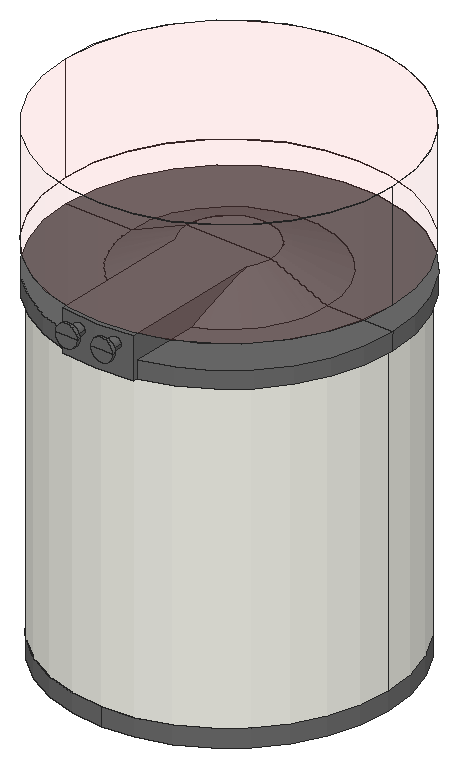
Revit family
Parameters (values of type "1082A")
  Watermarked By = "http://revitwatermark.com"
  Water_Ice Tank Volume = "820 Gallons"
  Warning = "Ice tanks are a component in an ice storage system including chillers, pumps, and controls. Contact CALMAC for IceBank® selection support to make sure all system components will work together properly."
  URL = "http://www.calmac.com/"
  Total Cooling Capacity [instance] = 0.0 ton
  Tank Net Usable Capacity = "82 Ton-Hrs"
  Surface Finish = Plastic- Calmac- Black
  Supply Coolant Temperature [instance] = -459.67 °F
  Storage Inlet Temperature [instance] = 60 °F
  Shipping Weight = 1025.00 lbf
  Return Coolant Temperature [instance] = -459.67 °F
  Requires Plate Heat Exchanger [instance] = no
  Project/Customer = ""
  Product Page URL = "http://www.calmac.com/products/icebank.asp"
  Product Documentation Link = "http://www.calmac.com/products/documents/IceBankModel1082ACS-27June2009.pdf"
  Pressure Drop [instance] = 0.00 psi
  Precool Hours [instance] = 0
  Pipe Material = Plastic- Calmac- Black
  Operating Weight = 8455.00 lbf
  Occupied Hours [instance] = 0
  Model = "1082A"
  Maximum Operating Temperature = "38°C"
  Maximum Operating Pressure = "620 kPa"
  Manufacturer e-mail = "info@Calmac.com"
  Manufacturer Contact Details = "CALMAC Manufacturing Corporation Headquarters, 3-00 Banta Place, Fair Lawn, NJ  07410, Tel: (201) 797-1511, Fax: (201) 797-1522"
  Manufacturer = "CALMAC Manufacturing Corp."  # constant formula
  Main Use [instance] = ""
  Location [instance] = ""
  Lid Diameter = 6' - 1 3/4"  # constant formula
  Leg 4 = 3' - 0 7/8"  # constant formula
  Leg 1 = 3' - 0 7/8"  # constant formula
  Latent Cooling Capacity [instance] = 0.0 ton
  Inlet Outlet Center Height = 6' - 7 1/2"  # constant formula
  Heat Exchanger Volume = " 820Gallons"
  Has Rigging Bar [instance] = no
  Has Plate and Frame Heat Exchanger [instance] = no
  Has Ice Inventory Meter [instance] = no
  Has Heat Transfer Fluid [instance] = no
  Has Glycol Management System [instance] = no
  Front Connector Offset = 3' - 4 7/8"  # constant formula
  Floor Loading Weight = "283 lb/sq.ft."
  Factory Tested Pressure = "1724 kPa"
  Diversity Factor [instance] = 0
  Discharge Rate [instance] = 0
  Discharge Hours [instance] = 0
  Description = "Off-Peak Cooling System"
  Is Clearance Box Visible [instance] = yes
  Clearance Box Height = 2' - 0"  # constant formula
  City/State [instance] = ""
  CTRL On = yes
  CTRL Off = not(CTRL On)  # no
  CTRL Hydronic Supply Description = "Hydronic Supply"  # constant formula
  CTRL Hydronic Return Description = "Hydronic Return"  # constant formula
  CTRL Base Radius = 2' - 11 63/64"  # constant formula
  Body Material = Plastic- Calmac- Off_White
  Has Solid Base [instance] = yes
  Base Height = Inlet Outlet Center Height - 0' 6 1/4"  # 6' - 1 1/4"
  Base Finish = Plastic- Calmac- Black
  Assembly Code = "D3030300"
  Actual Chilled Water Flow [instance] = 0 GPM
Values of the unnamed type that differ from the named types
  Watermarked By = ""
Reference planes (in)
  plane 1 "Center (Front/Back)": y = 0
  plane 2 "Bottom": z = 0
  plane 3 "Center (Left/Right)": x = 0
  plane 4 "T.O. Base": z = 73
  plane 5 "Inlet/Outlet Center (Elevation)": z = 79.5
  plane 6 "Right": x = 36.875
  plane 7 "Left": x = -36.875
  plane 8 "Connector Front Face": y = -40.875
  plane 9 "T.O. Lid": z = 82.25
  plane 10 "Top": z = 106.25
  plane 11 "Left Connector Center (L/R)": x = -3.99016
  plane 12 "Right Connector Center (L/R)": x = 3.99933
  plane 13 "Lid Front": y = -36.875
  plane 14 "Back": y = 36.875
Dimensions and locks (in)
  "Leg 1": plane 3 "Center (Left/Right)" to plane 6 "Right"
  "Leg 4": plane 7 "Left" to plane 3 "Center (Left/Right)"
  "Front Connector Offset": plane 8 "Connector Front Face" to plane 1 "Center (Front/Back)"
  "Inlet Outlet Center Height": plane 5 "Inlet/Outlet Center (Elevation)" to plane 2 "Bottom"
  locked: plane 5 "Inlet/Outlet Center (Elevation)" to plane 4 "T.O. Base" at 6.5
  locked: plane 9 "T.O. Lid" to plane 5 "Inlet/Outlet Center (Elevation)" at 2.75
  locked: plane 10 "Top" to plane 5 "Inlet/Outlet Center (Elevation)" at 26.75
  plane 3 "Center (Left/Right)" to plane 11 "Left Connector Center (L/R)" to plane 7 "Left" = 0' - 3.99016", 2' - 8.88484"
  locked: plane 3 "Center (Left/Right)" to plane 11 "Left Connector Center (L/R)" at 3.99016
  locked: plane 12 "Right Connector Center (L/R)" to nested 1 at 3.99933
  locked: plane 1 "Center (Front/Back)" to plane 14 "Back" at 36.875
  locked: plane 13 "Lid Front" to plane 1 "Center (Front/Back)" at 36.875
  aligned and locked: plane 1 "Center (Front/Back)" to nested 1
  aligned and locked: plane 3 "Center (Left/Right)" to nested 1
  aligned and locked: plane 1 "Center (Front/Back)" to nested 2
  aligned: plane 4 "T.O. Base" to nested 2
  aligned and locked: plane 4 "T.O. Base" to nested 2
  aligned and locked: plane 3 "Center (Left/Right)" to nested 2
  aligned and locked: plane 2 "Bottom" to nested 1
Nested families (in)
  nested 1: "Cooling_Plant_Accessories-Calmac-IceBank-Base" at (0, 0, 0), type "Base"
    with Is Symbolic Line Visible no, Has Solid Base yes, CTRL Inner Wall Radius 2' - 11 7/64", CTRL Base Radius 2' - 11 63/64", Base Height 6' - 1 1/4"
  nested 2: "Cooling_Plant_Accessories-Calmac-IceBank-Lid_A" at (0, 0, 73), Diameter <- "Lid Diameter", Is Clearance Box Visible <- "Is Clearance Box Visible", Clearance Box Height <- "Clearance Box Height", type "Lid-A"
    with Is Clearance Box Visible yes, Diameter 6' - 1 3/4", Clearance Box Height 2' - 0", CTRL Symbolic Line Offset 0' - 6", CTRL Radius 3' - 0 7/8", CTRL Clearance Box Height 2' - 9"
Connectors (in)
  piping at (-3.99016, -40.875, 79.5), driven by "CTRL Hydronic Supply Description", driven by "Actual Chilled Water Flow"
    settings: on nested 2, index 1, connector radius 1", flow factor 0, pipe flow 0 GPM, pressure drop 0.00 psi, fitting loss kfactor 0, connector angle 0.00°, fixture units 0, flow configuration 0, flow direction 2, fitting loss method 0, system type 7, connector reference index -1, connector utility 0, adjustable connector no, is connector primary yes, fitting loss table "", connector description "Hydronic Supply"
  piping at (3.99933, -40.875, 79.5), driven by "Actual Chilled Water Flow", driven by "CTRL Hydronic Return Description"
    settings: on nested 2, index 2, connector radius 1", flow factor 0, pipe flow 0 GPM, pressure drop 0.00 psi, fitting loss kfactor 0, connector angle 0.00°, fixture units 0, flow configuration 0, flow direction 1, fitting loss method 0, system type 8, connector reference index -1, connector utility 0, adjustable connector no, is connector primary no, fitting loss table "", connector description "Hydronic Return"
Definition of nested family "Cooling_Plant_Accessories-Calmac-IceBank-Base"
  Parameters (values of type "Base")
    Wall Thickness = 0' - 0 7/8"
    URL = "http://www.calmac.com/"
    Type Comments = ""
    Is Symbolic Line Visible = not(Has Solid Base)  # yes
    Has Solid Base = no
    Model = ""
    Manufacturer = "CALMAC Manufacturing Corp."  # constant formula
    CTRL Inner Wall Radius = CTRL Base Radius - Wall Thickness  # 3' - 0"
    CTRL Base Radius = 3' - 0 7/8"
    Body Material = Plastic- Calmac- Off_White
    Base Height = 3' - 7 5/16"
    Base Finish = Plastic- Calmac- Black
    Assembly Code = "D3030"
  Reference planes (in)
    plane 1 "Center (Front/Back)": y = 0
    plane 2 "Bottom": z = 0
    plane 3 "Center (Left/Right)": x = 0
    plane 4 "Back": y = 36.875
    plane 5 "Front": y = -36.875
    plane 6 "Right": x = 36.875
    plane 7 "Left": x = -36.875
    plane 8 "T.O. Base Plate": z = 4
    plane 9 "Right Edge of Right Void": x = 24.125
    plane 10 "Left Edge of Right Void": x = 13.125
    plane 11 "Left Edge of Left Void": x = -24.125
    plane 12 "Right Edge of Left Void": x = -13.125
    plane 13 "T.O. Base Void": z = 2
    plane 14 "T.O. Base": z = 43.3125
  Forms (in)
    Extrusion 1, solid, material "Plastic- Calmac- Black" <- "Base Finish", visible <- "Is Symbolic Line Visible", detail levels fine
      sketch origin (0, 0, 0) x (1, 0, 0) y (0, 1, 0)
        loop
          circle (0, 0) r 36.875
      from 0 to 4
    Extrusion 2, void
      sketch origin (0, 0, 0) x (1, 0, 0) y (0, 1, 0)
        loop
          line (-24.125, 36.875) -> (-24.125, -36.875) -> (-13.125, -36.875) -> (-13.125, 36.875) -> (-24.125, 36.875)
        loop
          line (13.125, 36.875) -> (13.125, -36.875) -> (24.125, -36.875) -> (24.125, 36.875) -> (13.125, 36.875)
      from 0 to 2
    Extrusion 3, solid, material "Plastic- Calmac- Off_White" <- "Body Material", detail levels fine
      sketch origin (0, 0, 0) x (1, 0, 0) y (0, 1, 0)
        loop
          circle (0, 0) r 36.875
        loop
          circle (0, 0) r 36
      from 4 to 43.3125
    Extrusion 4, solid, material "Plastic- Calmac- Black" <- "Base Finish", visible <- "Has Solid Base", detail levels fine
      sketch origin (0, 0, 43.3125) x (0, -1, 0) y (1, 0, 0)
        loop
          circle (0, 0) r 36.875
      from -43.3125 to -39.3125
  Cuts and joins
    Extrusion 2 cuts Extrusion 3
    Extrusion 2 cuts Extrusion 1
  Lines and regions (in)
    Masking region 1
      outline origin (0, 0, 0) x (1, 0, 0) y (0, 1, 0)
        loop
          circle (0, 0) r 36.875
    Masking region 2
      outline origin (0, 0, 0) x (1, 0, 0) y (0, 0, 1)
        loop
          line (-36.875, 0) -> (36.875, 0) -> (36.875, 43.3125) -> (-36.875, 43.3125) -> (-36.875, 0)
    Masking region 3
      outline origin (0, 0, 0) x (0, 1, 0) y (0, 0, 1)
        loop
          line (-36.875, 0) -> (36.875, 0) -> (36.875, 43.3125) -> (-36.875, 43.3125) -> (-36.875, 0)
    symbolic lines, style "Base", detail levels medium+fine
      curve 1: line (-36.875, 0, 4) -> (36.875, 0, 4)
      curve 8: line (0, -36.875, 4) -> (0, 36.875, 4)
    symbolic lines, style "Base", visible <- "Is Symbolic Line Visible", detail levels medium+fine
      curve 2: line (-24.125, 0, 0) -> (-24.125, 0, 2)
      curve 3: line (-24.125, 0, 2) -> (-13.125, 0, 2)
      curve 4: line (13.125, 0, 2) -> (24.125, 0, 2)
      curve 5: line (13.125, 0, 0) -> (13.125, 0, 2)
      curve 6: line (24.125, 0, 0) -> (24.125, 0, 2)
      curve 7: line (-13.125, 0, 0) -> (-13.125, 0, 2)
    model lines, style "Base", detail levels medium
      curve 9: circle (0, 0, 43.3125) r 36.875 normal (0, 0, 1)
      curve 10: circle (0, 0, 4) r 36.875 normal (0, 0, 1)
      curve 11: circle (0, 0, 0) r 36.875 normal (0, 0, 1)
      curve 12: line (36.875, 0, 0) -> (36.875, 0, 43.3125)
      curve 13: line (-36.875, 0, 0) -> (-36.875, 0, 43.3125)
      curve 14: line (0, -36.875, 0) -> (0, -36.875, 43.3125)
      curve 15: line (0, 36.875, 0) -> (0, 36.875, 43.3125)
    model lines, style "Base", detail levels coarse
      curve 16: line (0, 0, 0) -> (0, 0, 43.3125)
  Dimensions and locks (in)
    locked: plane 7 "Left" to plane 11 "Left Edge of Left Void" at 12.75
    locked: plane 7 "Left" to plane 12 "Right Edge of Left Void" at 23.75
    locked: plane 9 "Right Edge of Right Void" to plane 6 "Right" at 12.75
    locked: plane 10 "Left Edge of Right Void" to plane 6 "Right" at 23.75
    "CTRL Base Radius": plane 7 "Left" to plane 3 "Center (Left/Right)"
    "CTRL Base Radius": plane 3 "Center (Left/Right)" to plane 6 "Right"
    "CTRL Base Radius": plane 1 "Center (Front/Back)" to plane 4 "Back"
    "CTRL Base Radius": plane 5 "Front" to plane 1 "Center (Front/Back)"
    locked: plane 8 "T.O. Base Plate" to plane 2 "Bottom" at 4
    "Base Height": plane 14 "T.O. Base" to plane 2 "Bottom"
    locked: plane 13 "T.O. Base Void" to plane 2 "Bottom" at 2
    "CTRL Base Radius": radius of Extrusion 1 sketch curve
    "CTRL Base Radius": radius of Extrusion 3 sketch curve
    "CTRL Inner Wall Radius": radius of Extrusion 3 sketch curve
    "CTRL Base Radius": radius of Masking region 1 sketch curve
    "CTRL Base Radius": radius of curve 9
    "CTRL Base Radius": radius of curve 10
    "CTRL Base Radius": radius of curve 11
    "CTRL Base Radius": radius of Extrusion 4 sketch curve
    aligned and locked: plane 3 "Center (Left/Right)" to Extrusion 1 sketch curve
    aligned and locked: plane 1 "Center (Front/Back)" to Extrusion 1 sketch curve
    aligned and locked: Extrusion 1 to plane 2 "Bottom"
    aligned and locked: plane 8 "T.O. Base Plate" to Extrusion 1
    aligned and locked: plane 2 "Bottom" to Extrusion 1
    aligned and locked: Extrusion 2 sketch curve to plane 4 "Back"  (x2)
    aligned and locked: Extrusion 2 sketch curve to plane 12 "Right Edge of Left Void"
    aligned and locked: plane 11 "Left Edge of Left Void" to Extrusion 2 sketch curve
    aligned and locked: Extrusion 2 sketch curve to plane 5 "Front"  (x2)
    aligned and locked: Extrusion 2 sketch curve to plane 10 "Left Edge of Right Void"
    aligned and locked: Extrusion 2 sketch curve to plane 9 "Right Edge of Right Void"
    aligned and locked: plane 13 "T.O. Base Void" to Extrusion 2
    aligned and locked: Extrusion 2 to plane 2 "Bottom"
    aligned and locked: Extrusion 2 to plane 5 "Front"
    aligned and locked: plane 4 "Back" to Extrusion 2
    aligned and locked: Extrusion 2 to plane 13 "T.O. Base Void"  (x2)
    aligned and locked: plane 11 "Left Edge of Left Void" to Extrusion 2
    aligned and locked: plane 2 "Bottom" to Extrusion 2  (x2)
    aligned and locked: Extrusion 2 to plane 12 "Right Edge of Left Void"
    aligned and locked: plane 10 "Left Edge of Right Void" to Extrusion 2
    aligned and locked: Extrusion 2 to plane 9 "Right Edge of Right Void"
    aligned and locked: plane 3 "Center (Left/Right)" to Extrusion 3 sketch curve  (x2)
    aligned and locked: plane 1 "Center (Front/Back)" to Extrusion 3 sketch curve  (x2)
    aligned and locked: Extrusion 3 to plane 8 "T.O. Base Plate"
    aligned and locked: plane 14 "T.O. Base" to Extrusion 3
    aligned and locked: plane 3 "Center (Left/Right)" to Masking region 1 sketch curve
    aligned and locked: plane 1 "Center (Front/Back)" to Masking region 1 sketch curve
    aligned and locked: Masking region 2 sketch curve to plane 14 "T.O. Base"
    aligned and locked: plane 6 "Right" to Masking region 2 sketch curve
    aligned and locked: plane 2 "Bottom" to Masking region 2 sketch curve
    aligned and locked: Masking region 2 sketch curve to plane 7 "Left"
    aligned and locked: plane 7 "Left" to curve 1
    aligned and locked: plane 6 "Right" to curve 1
    aligned and locked: curve 1 to plane 8 "T.O. Base Plate"
    aligned and locked: plane 11 "Left Edge of Left Void" to curve 3
    aligned and locked: plane 12 "Right Edge of Left Void" to curve 3
    aligned and locked: curve 3 to plane 13 "T.O. Base Void"
    aligned and locked: plane 2 "Bottom" to curve 2
    aligned and locked: curve 2 to plane 11 "Left Edge of Left Void"
    aligned and locked: plane 10 "Left Edge of Right Void" to curve 4
    aligned and locked: plane 9 "Right Edge of Right Void" to curve 4
    aligned and locked: plane 13 "T.O. Base Void" to curve 5
    aligned and locked: plane 13 "T.O. Base Void" to curve 6
    aligned and locked: plane 2 "Bottom" to curve 5
    aligned and locked: curve 5 to plane 10 "Left Edge of Right Void"
    aligned and locked: curve 6 to plane 9 "Right Edge of Right Void"
    aligned and locked: plane 13 "T.O. Base Void" to curve 7
    aligned and locked: plane 2 "Bottom" to curve 7
    aligned and locked: curve 7 to plane 12 "Right Edge of Left Void"
    aligned and locked: plane 5 "Front" to Masking region 3 sketch curve
    aligned and locked: plane 14 "T.O. Base" to Masking region 3 sketch curve
    aligned and locked: Masking region 3 sketch curve to plane 4 "Back"
    aligned and locked: plane 2 "Bottom" to Masking region 3 sketch curve
    aligned and locked: plane 4 "Back" to curve 8
    aligned and locked: plane 5 "Front" to curve 8
    aligned and locked: curve 8 to plane 8 "T.O. Base Plate"
    aligned and locked: plane 3 "Center (Left/Right)" to curve 9
    aligned and locked: plane 1 "Center (Front/Back)" to curve 9
    aligned and locked: curve 9 to plane 14 "T.O. Base"
    aligned and locked: curve 10 to plane 8 "T.O. Base Plate"
    aligned and locked: plane 3 "Center (Left/Right)" to curve 10
    aligned and locked: plane 1 "Center (Front/Back)" to curve 10
    aligned: curve 11 to plane 2 "Bottom"
    aligned and locked: plane 3 "Center (Left/Right)" to curve 11
    aligned and locked: plane 1 "Center (Front/Back)" to curve 11
    aligned and locked: plane 14 "T.O. Base" to curve 12
    aligned and locked: plane 14 "T.O. Base" to curve 13
    aligned and locked: plane 2 "Bottom" to curve 12
    aligned and locked: plane 2 "Bottom" to curve 13
    aligned and locked: curve 12 to plane 6 "Right"
    aligned and locked: curve 13 to plane 7 "Left"
    aligned and locked: curve 12 to plane 1 "Center (Front/Back)"
    aligned and locked: curve 13 to plane 1 "Center (Front/Back)"
    aligned and locked: plane 14 "T.O. Base" to curve 14
    aligned and locked: plane 14 "T.O. Base" to curve 15
    aligned and locked: plane 2 "Bottom" to curve 14
    aligned and locked: plane 2 "Bottom" to curve 15
    aligned and locked: plane 4 "Back" to curve 15
    aligned and locked: plane 5 "Front" to curve 14
    aligned and locked: plane 3 "Center (Left/Right)" to curve 14
    aligned and locked: plane 3 "Center (Left/Right)" to curve 15
    aligned and locked: plane 14 "T.O. Base" to curve 16
    aligned and locked: plane 2 "Bottom" to curve 16
    aligned and locked: plane 3 "Center (Left/Right)" to curve 16
    aligned and locked: curve 16 to plane 1 "Center (Front/Back)"
    aligned and locked: plane 1 "Center (Front/Back)" to Extrusion 4 sketch curve
    aligned and locked: plane 3 "Center (Left/Right)" to Extrusion 4 sketch curve
    aligned and locked: plane 8 "T.O. Base Plate" to Extrusion 4
    aligned and locked: Extrusion 4 to plane 2 "Bottom"
  Automatic sketch dimensions
    curve 6 to level = 0' - 0"
Definition of nested family "Cooling_Plant_Accessories-Calmac-IceBank-Lid_A"
  Parameters (values of type "Lid_A")
    Surface Finish = Default
    Pipe Material = none
    Diameter [instance] = 6' - 1 3/4"
    Is Clearance Box Visible [instance] = yes
    Clearance Box Height [instance] = 2' - 0"
    CTRL Symbolic Line Offset [instance] = 0' - 6"
    CTRL Radius [instance] = Diameter / 2  # 3' - 0 7/8"
    CTRL Clearance Box Height [instance] = Clearance Box Height + 0' 9"  # 2' - 9"
  Reference planes (in)
    plane 1 "Center (Front/Back)": y = 0
    plane 2 "Bottom": z = 0
    plane 3 "Center (Left/Right)": x = 0
    plane 4 "Back": y = 36.875
    plane 5 "Back Inset": y = 33.06
    plane 6 "Back Bolt Front": y = 33.873
    plane 7 "Front": y = -36.875
    plane 8 "Front Inset": y = -33.06
    plane 9 "Left": x = -36.875
    plane 10 "Left Lip Inset": x = -33.06
    plane 11 "Top Left": x = -9.54335
    plane 12 "Right": x = 36.875
    plane 13 "Top Right": x = 9.54335
    plane 14 "Top": z = 9
    plane 15 "Connector Center(Elevation)": z = 3.75
    plane 16 "Connector Channel Top": z = 8
    plane 17 "Bolt Inset Center": y = 34.87422
    plane 18 "Right Lip Inset": x = 33.06
    plane 19 "Center Offset Right 6": x = 7.19935
    plane 20 "Center OffSet Right 5": x = 6.29557
    plane 21 "Center Offset Right 4": x = 4.96584
    plane 22 "Center Offset Right 2": x = 3.03282
    plane 23 "Center Offset Right 1": x = 1.70309
    plane 24 "Center Offset Right 3": x = 3.99933
    plane 25 "Center Offset Left 6": x = -7.19935
    plane 26 "Center Offset Left 5": x = -6.2864
    plane 27 "Center Offset Left 4": x = -4.95667
    plane 28 "Center Offset Left 2": x = -3.02365
    plane 29 "Center Offset Left 1": x = -1.69392
    plane 30 "Center Offset Left 3": x = -3.99016
    plane 31 "Front Offset 1": y = -37.46731
    plane 32 "Center Offset 2": y = -9.54335
    plane 33 "Center Offset 1": y = -5.20418
    plane 34 "Front Offset 3": y = -40.875
    plane 35 "Front Offset 2": y = -40.25145
    plane 36 "Raised Geometry Right": x = 7.9995
    plane 37 "Raised Geometry Left": x = -7.9995
    plane 38 "Bolt Inset Right": x = 1
    plane 39 "Bolt Inset Left": x = -1
    plane 40: x = 15.52399
    plane 41 "Inspection Port Center (Front/ Back)": y = -23.90104
    plane 42 "T.O. Cllearance Box": z = 33
    plane 43: z = 8.75
    plane 44 "Connectors": z = 6.5
  Forms (in)
    Revolve 1, solid, material "Default" <- "Surface Finish", detail levels fine
      sketch origin (0, 0, 0) x (1, 0, 0) y (0, 0, 1)
        loop
          line (0, 9) -> (0, 0) -> (36.875, 0) -> (36.875, 3.75) -> (22.05979, 3.75) -> (9.54335, 9) -> (0, 9)
        axis (0, 9) -> (0, 0)
      angle from 0 to 360
    Extrusion 2, solid, material "Default" <- "Surface Finish", detail levels fine
      sketch origin (0, 0, 9) x (-1, 0, 0) y (0, -1, 0)
        loop
          arc (7.9995, 36.87418) -> (0.00004, 37.5924) -> (-7.9995, 36.875) r 44.93344
          line (-7.9995, 36.875) -> (-7.9995, 5.20418) -> (7.9995, 5.20418) -> (7.9995, 36.87418)
      from -9 to 0
    Extrusion 3, void
      sketch origin (0, 0, 9) x (-1, 0, 0) y (0, -1, 0)
        loop
          circle (-15.52399, 23.90104) r 2.46875
      from -5.25 to -1
  Cuts and joins
    Extrusion 3 cuts Revolve 1
    Extrusion 3 cuts Extrusion 2
    joined: Revolve 1, Extrusion 2
  Lines and regions (in)
    Masking region 1
      outline origin (0, 0, 3.75) x (-1, 0, 0) y (0, -1, 0)
        loop
          arc (36.83195, -1.78166) -> (29.31329, 22.3718) -> (7.9995, 35.99687) r 36.87501
          line (7.9995, 35.99687) -> (7.9995, 36.875) -> (-7.9995, 36.875) -> (-7.9995, 35.99687)
          arc (-7.9995, 35.99687) -> (-28.78844, 23.04328) -> (-36.87493, -0.0778) r 36.87501
          arc (-36.87493, -0.0778) -> (-0.8522, -36.86517) -> (36.83195, -1.78166) r 36.87501
    Masking region 2
      outline origin (0, -36.875, 0) x (1, 0, 0) y (0, 0, 1)
        loop
          line (-36.875, 0) -> (36.875, 0) -> (36.875, 3.75) -> (22.05979, 3.75) -> (9.54335, 9) -> (-9.54335, 9) -> (-22.05979, 3.75) -> (-36.875, 3.75) -> (-36.875, 0)
    Masking region 3
      outline origin (0, 0, 0) x (0, 1, 0) y (0, 0, 1)
        loop
          line (-37.46731, 0) -> (36.875, 0) -> (36.875, 3.75) -> (22.05979, 3.75) -> (9.54335, 9) -> (-37.46731, 9) -> (-37.46731, 0)
    model lines, style "Thermal Energy Storage", detail levels medium
      curve 1: arc (36.875, 0, 0) -> (36.7349, 3.21136, 0) -> (36.31566, 6.39832, 0) r 36.875
      curve 2: arc (36.31566, 6.39832, 0) -> (-36.7349, -3.21136, 0) -> (36.875, 0, 0) r 36.875
      curve 3: arc (-33.03411, -2.90444, 3.75) -> (-0.77581, 31.45886, 3.75) -> (33.0593, -1.35303, 3.75) r 33.06016
      curve 4: arc (33.0593, -1.35303, 3.75) -> (0.77581, -34.64326, 3.75) -> (-33.03411, -2.90444, 3.75) r 33.06016
      curve 5: line (-7.9995, -5.20418, 9) -> (-7.9995, -36.875, 9)
      curve 6: line (7.9995, -5.20418, 9) -> (7.9995, -36.875, 9)
      curve 7: line (-7.9995, -36.875, 9) -> (7.9995, -36.875, 9)
      curve 8: line (-7.9995, -36.875, 9) -> (-7.9995, -36.875, 0)
      curve 9: line (7.9995, -36.875, 9) -> (7.9995, -36.875, 0)
    model lines, style "Thermal Energy Storage", detail levels coarse
      curve 10: line (0, 0, 9) -> (0, 0, 0)
      curve 11: line (-36.875, 0, 9) -> (36.875, 0, 9)
      curve 12: line (0, 36.875, 9) -> (0, -37.46731, 9)
    symbolic lines, style "Thermal Energy Storage", detail levels medium+fine
      curve 13: line (-7.9995, -5.20418, 9) -> (-7.9995, -36.875, 9)
      curve 14: line (7.9995, -5.20418, 9) -> (7.9995, -36.875, 9)
      curve 15: arc (7.9995, -5.20418, 9) -> (0, 9.54335, 9) -> (-7.9995, -5.20418, 9) r 9.54335
      curve 16: arc (-33.06, 0, 9) -> (20.35314, 26.05213, 9) -> (7.9995, -32.07759, 9) r 33.06
      curve 17: arc (-33.06, 0, 9) -> (-26.05213, -20.35313, 9) -> (-7.9995, -32.07759, 9) r 33.06
      curve 21: circle (15.52399, -23.90104, 9) r 2.46875 normal (0, 0, 1)
      curve 22: line (-33.06, -36.875, 3.75) -> (33.06, -36.875, 3.75)
      curve 23: line (0, -37.46731, 3.75) -> (0, 33.06, 3.75)
      curve 24: line (0, -33.06, 3.75) -> (0, -5.20418, 9)
    symbolic lines, style "Thermal Energy Storage", not visible, detail levels medium+fine
      curve 18: arc (17.90724, 30.02329, 9) -> (18.26558, 28.67854, 9) -> (19.62099, 28.99417, 9) r 1
      curve 19: line (17.90724, 30.02329, 9) -> (18.91964, 31.59438, 9)
      curve 20: line (20.59914, 30.51212, 9) -> (19.62099, 28.99417, 9)
  Dimensions and locks (in)
    locked: plane 14 "Top" to plane 2 "Bottom" at 9
    locked: plane 16 "Connector Channel Top" to plane 2 "Bottom" at 8
    locked: plane 15 "Connector Center(Elevation)" to plane 2 "Bottom" at 3.75
    locked: plane 9 "Left" to plane 10 "Left Lip Inset" at 3.815
    "Diameter": plane 9 "Left" to plane 12 "Right"
    "Diameter": plane 7 "Front" to plane 4 "Back"
    locked: plane 3 "Center (Left/Right)" to plane 13 "Top Right" at 9.54335
    locked: plane 11 "Top Left" to plane 3 "Center (Left/Right)" at 9.54335
    locked: plane 17 "Bolt Inset Center" to plane 4 "Back" at 2.00078
    locked: plane 6 "Back Bolt Front" to plane 4 "Back" at 3.002
    locked: plane 5 "Back Inset" to plane 4 "Back" at 3.815
    locked: plane 8 "Front Inset" to plane 7 "Front" at 3.815
    equal spacing: plane 22 "Center Offset Right 2", plane 24 "Center Offset Right 3", plane 21 "Center Offset Right 4"
    equal spacing: plane 23 "Center Offset Right 1", plane 24 "Center Offset Right 3", plane 20 "Center OffSet Right 5"
    equal spacing: plane 28 "Center Offset Left 2", plane 30 "Center Offset Left 3", plane 27 "Center Offset Left 4"
    equal spacing: plane 29 "Center Offset Left 1", plane 30 "Center Offset Left 3", plane 26 "Center Offset Left 5"
    locked: plane 30 "Center Offset Left 3" to plane 3 "Center (Left/Right)" at 3.99016
    locked: plane 3 "Center (Left/Right)" to plane 24 "Center Offset Right 3" at 3.99933
    locked: plane 22 "Center Offset Right 2" to plane 21 "Center Offset Right 4" at 1.93302
    locked: plane 27 "Center Offset Left 4" to plane 28 "Center Offset Left 2" at 1.93302
    locked: plane 23 "Center Offset Right 1" to plane 20 "Center OffSet Right 5" at 4.59248
    locked: plane 26 "Center Offset Left 5" to plane 29 "Center Offset Left 1" at 4.59248
    equal spacing: plane 25 "Center Offset Left 6", plane 3 "Center (Left/Right)", plane 19 "Center Offset Right 6"
    locked: plane 25 "Center Offset Left 6" to plane 19 "Center Offset Right 6" at 14.39869
    equal spacing: plane 4 "Back", plane 1 "Center (Front/Back)", plane 7 "Front"
    locked: plane 18 "Right Lip Inset" to plane 12 "Right" at 3.815
    equal spacing: plane 9 "Left", plane 3 "Center (Left/Right)", plane 12 "Right"
    locked: plane 7 "Front" to plane 31 "Front Offset 1" at 0.59231
    locked: plane 7 "Front" to plane 34 "Front Offset 3" at 4
    locked: plane 33 "Center Offset 1" to plane 1 "Center (Front/Back)" at 5.20418
    locked: plane 32 "Center Offset 2" to plane 1 "Center (Front/Back)" at 9.54335
    locked: plane 37 "Raised Geometry Left" to plane 3 "Center (Left/Right)" at 7.9995
    locked: plane 3 "Center (Left/Right)" to plane 36 "Raised Geometry Right" at 7.9995
    locked: plane 39 "Bolt Inset Left" to plane 3 "Center (Left/Right)" at 1
    locked: plane 3 "Center (Left/Right)" to plane 38 "Bolt Inset Right" at 1
    locked: plane 3 "Center (Left/Right)" to plane 40 at 15.52399
    locked: plane 41 "Inspection Port Center (Front/ Back)" to plane 1 "Center (Front/Back)" at 23.90104
    "CTRL Clearance Box Height": plane 42 "T.O. Cllearance Box" to plane 2 "Bottom"
    locked: plane 35 "Front Offset 2" to plane 34 "Front Offset 3" at 0.62355
    plane 14 "Top" to plane 2 "Bottom" = 0' - 9"
    locked: plane 14 "Top" to plane 44 "Connectors" at 2.5
    radius of Extrusion 2 sketch curve = 3' - 8.93344"
    aligned and locked: Extrusion 2 to plane 2 "Bottom"
    aligned: plane 16 "Connector Channel Top" to Extrusion 2
    aligned and locked: plane 14 "Top" to Extrusion 2
    aligned and locked: plane 36 "Raised Geometry Right" to Extrusion 2 sketch curve
    aligned and locked: plane 33 "Center Offset 1" to Extrusion 2 sketch curve
    aligned and locked: Extrusion 2 sketch curve to plane 37 "Raised Geometry Left"
    aligned and locked: plane 7 "Front" to Extrusion 2 sketch curve
    aligned and locked: nested 1 to plane 30 "Center Offset Left 3"
    aligned and locked: nested 2 to plane 34 "Front Offset 3"
    aligned and locked: plane 24 "Center Offset Right 3" to nested 2
    aligned: plane 15 "Connector Center(Elevation)" to nested 2
    aligned and locked: plane 3 "Center (Left/Right)" to curve 4
    aligned and locked: plane 3 "Center (Left/Right)" to curve 3
    aligned and locked: plane 33 "Center Offset 1" to curve 5
    aligned and locked: plane 7 "Front" to curve 6
    aligned and locked: plane 7 "Front" to curve 5
    aligned and locked: plane 36 "Raised Geometry Right" to curve 6
    aligned and locked: plane 37 "Raised Geometry Left" to curve 5
    aligned and locked: plane 14 "Top" to curve 6
    aligned and locked: plane 14 "Top" to curve 5
    aligned and locked: curve 7 to plane 7 "Front"
    aligned and locked: plane 14 "Top" to curve 9
    aligned and locked: plane 2 "Bottom" to curve 9
    aligned and locked: plane 14 "Top" to curve 8
    aligned and locked: plane 2 "Bottom" to curve 8
    aligned and locked: plane 36 "Raised Geometry Right" to curve 9
    aligned and locked: plane 37 "Raised Geometry Left" to curve 8
    aligned and locked: curve 9 to plane 7 "Front"
    aligned and locked: curve 8 to plane 7 "Front"
    aligned and locked: plane 14 "Top" to curve 10
    aligned and locked: plane 2 "Bottom" to curve 10
    aligned and locked: curve 10 to plane 3 "Center (Left/Right)"
    aligned and locked: plane 1 "Center (Front/Back)" to curve 10
    aligned and locked: plane 12 "Right" to curve 11
    aligned and locked: plane 9 "Left" to curve 11
    aligned and locked: plane 1 "Center (Front/Back)" to curve 11
    aligned and locked: curve 11 to plane 14 "Top"
    aligned and locked: plane 4 "Back" to curve 12
    aligned and locked: curve 12 to plane 3 "Center (Left/Right)"
    aligned and locked: plane 31 "Front Offset 1" to curve 12
    aligned and locked: plane 14 "Top" to cut or joined group of Revolve 1, Extrusion 2, Extrusion 3
    aligned and locked: plane 7 "Front" to curve 14
    aligned and locked: plane 7 "Front" to curve 13
    aligned and locked: plane 1 "Center (Front/Back)" to curve 15
    aligned and locked: plane 3 "Center (Left/Right)" to curve 15
    aligned and locked: plane 1 "Center (Front/Back)" to cut or joined group of Revolve 1, Extrusion 2, Extrusion 3
    aligned and locked: plane 1 "Center (Front/Back)" to curve 17
    aligned and locked: cut or joined group of Revolve 1, Extrusion 2, Extrusion 3 to Masking region 1 sketch curve  (x2)
    aligned and locked: plane 36 "Raised Geometry Right" to Masking region 1 sketch curve
    aligned and locked: plane 40 to Extrusion 3 sketch curve
    aligned and locked: plane 41 "Inspection Port Center (Front/ Back)" to Extrusion 3 sketch curve
    aligned and locked: Extrusion 3 to plane 15 "Connector Center(Elevation)"
    aligned and locked: plane 16 "Connector Channel Top" to Extrusion 3
    aligned and locked: plane 1 "Center (Front/Back)" to nested 3
    aligned and locked: plane 3 "Center (Left/Right)" to nested 3
    aligned and locked: plane 40 to curve 21
    aligned and locked: plane 41 "Inspection Port Center (Front/ Back)" to curve 21
    aligned and locked: plane 3 "Center (Left/Right)" to nested 24
    aligned and locked: plane 1 "Center (Front/Back)" to nested 24
    aligned: plane 2 "Bottom" to nested 24
    aligned: plane 14 "Top" to nested 24  (x2)
    aligned: plane 42 "T.O. Cllearance Box" to nested 24
    aligned: nested 24 to plane 42 "T.O. Cllearance Box"
    aligned and locked: nested 24 to plane 12 "Right"
    aligned and locked: nested 24 to plane 9 "Left"
    aligned and locked: plane 15 "Connector Center(Elevation)" to Masking region 2 sketch curve
    aligned and locked: Masking region 2 sketch curve to plane 9 "Left"
    aligned and locked: plane 2 "Bottom" to Masking region 2 sketch curve
    aligned and locked: Masking region 2 sketch curve to plane 11 "Top Left"
    aligned and locked: plane 14 "Top" to Masking region 2 sketch curve
    aligned and locked: Masking region 2 sketch curve to plane 13 "Top Right"
    aligned and locked: Masking region 2 sketch curve to plane 15 "Connector Center(Elevation)"
    aligned and locked: plane 12 "Right" to Masking region 2 sketch curve
    aligned and locked: curve 22 to plane 15 "Connector Center(Elevation)"
    aligned and locked: plane 10 "Left Lip Inset" to curve 22
    aligned and locked: plane 18 "Right Lip Inset" to curve 22
    aligned and locked: Masking region 3 sketch curve to plane 14 "Top"
    aligned and locked: plane 31 "Front Offset 1" to Masking region 3 sketch curve
    aligned and locked: plane 2 "Bottom" to Masking region 3 sketch curve
    aligned and locked: plane 4 "Back" to Masking region 3 sketch curve
    aligned and locked: Masking region 3 sketch curve to plane 15 "Connector Center(Elevation)"
    aligned and locked: plane 15 "Connector Center(Elevation)" to cut or joined group of Revolve 1, Extrusion 2, Extrusion 3
    aligned and locked: plane 31 "Front Offset 1" to curve 23
    aligned and locked: plane 5 "Back Inset" to curve 23
    aligned and locked: plane 8 "Front Inset" to curve 24
    aligned and locked: plane 33 "Center Offset 1" to curve 24
    aligned and locked: plane 2 "Bottom" to cut or joined group of Revolve 1, Extrusion 2, Extrusion 3
    aligned and locked: plane 42 "T.O. Cllearance Box" to nested 24
    aligned and locked: nested 24 to plane 14 "Top"
    aligned and locked: plane 44 "Connectors" to nested 1
    aligned and locked: plane 44 "Connectors" to nested 2
  Automatic sketch dimensions
    plane 3 "Center (Left/Right)" to Extrusion 2 sketch curve = 0' - 0.00227"
    Revolve 1 sketch curve to plane 3 "Center (Left/Right)" = 0' - 0"  (x2)
    plane 13 "Top Right" to Revolve 1 sketch curve = 0' - 0"
    plane 15 "Connector Center(Elevation)" to Revolve 1 sketch curve = 0' - 0"
    plane 18 "Right Lip Inset" to Revolve 1 sketch curve = 0' - 11.00021"
    Revolve 1 sketch curve to level = 0' - 0"  (x2)
    plane 12 "Right" to Revolve 1 sketch curve = 0' - 0"
    Revolve 1 sketch curve to plane 14 "Top" = 0' - 0"  (x2)
    Masking region 1 sketch curve to Masking region 1 sketch curve = 0' - 0"  (x4)
    plane 1 "Center (Front/Back)" to Masking region 1 sketch curve = 0' - 0"
    Masking region 1 sketch curve to plane 3 "Center (Left/Right)" = 0' - 0"
    plane 12 "Right" to Masking region 1 sketch curve = 0' - 0.00007"
    plane 9 "Left" to Masking region 1 sketch curve = 0' - 0.04305"
    Masking region 1 sketch curve to plane 1 "Center (Front/Back)" = 0' - 0.0778"
    curve 24 to plane 14 "Top" = 0' - 0"
    curve 23 to plane 15 "Connector Center(Elevation)" = 0' - 0"
    Masking region 1 sketch curve to plane 7 "Front" = 0' - 0"
    plane 10 "Left Lip Inset" to Masking region 2 sketch curve = 0' - 11.00021"
    Masking region 2 sketch curve to plane 40 = 0' - 6.5358"
    Masking region 3 sketch curve to plane 1 "Center (Front/Back)" = 0' - 9.54335"
    plane 5 "Back Inset" to Masking region 3 sketch curve = 0' - 11.00021"
    curve 16 to curve 17 = 0' - 0"
    curve 17 to plane 10 "Left Lip Inset" = 0' - 0"
    curve 16 to plane 10 "Left Lip Inset" = 0' - 0"
    plane 3 "Center (Left/Right)" to curve 16 = 0' - 0"
    curve 1 to curve 2 = 0' - 0"  (x2)
    plane 1 "Center (Front/Back)" to curve 2 = 0' - 0"
    curve 2 to plane 3 "Center (Left/Right)" = 0' - 0"
    curve 2 to plane 12 "Right" = 0' - 0"
    plane 12 "Right" to curve 1 = 0' - 0.55934"
    curve 3 to curve 4 = 0' - 0"
    plane 18 "Right Lip Inset" to curve 3 = 0' - 0.0007"
    plane 10 "Left Lip Inset" to curve 4 = 0' - 0.02589"
    plane 1 "Center (Front/Back)" to curve 4 = 0' - 1.35303"
    plane 1 "Center (Front/Back)" to curve 4 = 0' - 1.5922"
    radius of Extrusion 3 sketch curve = 0' - 2 15/32"
    radius of curve 21 = 0' - 2 15/32"
  Nested families (in)
    nested 1: "Cooling_Plant_Accessories-Calmac-IceBank-2-Inch Flanged Connection" at (-3.99016, -36.875, 6.5) x (0, -1, 0) z (0, 0, 1), Pipe Material <- "Pipe Material", type "2-Inch Flanged Connection"
      with Pipe Material none
    nested 2: "Cooling_Plant_Accessories-Calmac-IceBank-2-Inch Flanged Connection" at (3.99933, -36.875, 6.5) x (0, -1, 0) z (0, 0, 1), Pipe Material <- "Pipe Material", type "2-Inch Flanged Connection"
      with Pipe Material none
    nested 3: "Cooling_Plant_Accessories-Calmac-Icebank-Inset Symbolic Lines-2D" at (0, 0, 6), Diameter <- "Diameter", built-in parameter 1001364 <- "CTRL Symbolic Line Offset", type "Inset Symbolic Lines", detail levels fine
      with Diameter 6' - 1 3/4", CTRL Radius 3' - 0 7/8"
    nested 4: "Cooling_Plant_Accessories-Calmac-Icebank-Inset Symbolic Lines-2D" at (0, 0, 6) x (0.9595, -0.2817, 0) z (0, 0, 1), Diameter <- "Diameter", built-in parameter 1001364 <- "CTRL Symbolic Line Offset", type "Inset Symbolic Lines", detail levels fine
      with Diameter 6' - 1 3/4", CTRL Radius 3' - 0 7/8"
    nested 5: "Cooling_Plant_Accessories-Calmac-Icebank-Inset Symbolic Lines-2D" at (0, 0, 6) x (0.8413, -0.5405, 0) z (0, 0, 1), Diameter <- "Diameter", built-in parameter 1001364 <- "CTRL Symbolic Line Offset", type "Inset Symbolic Lines", detail levels fine
      with Diameter 6' - 1 3/4", CTRL Radius 3' - 0 7/8"
    nested 6: "Cooling_Plant_Accessories-Calmac-Icebank-Inset Symbolic Lines-2D" at (0, 0, 6) x (0.655, -0.7556, 0) z (0, 0, 1), Diameter <- "Diameter", built-in parameter 1001364 <- "CTRL Symbolic Line Offset", type "Inset Symbolic Lines", detail levels fine
      with Diameter 6' - 1 3/4", CTRL Radius 3' - 0 7/8"
    nested 7: "Cooling_Plant_Accessories-Calmac-Icebank-Inset Symbolic Lines-2D" at (0, 0, 6) x (0.4156, -0.9095, 0) z (0, 0, 1), Diameter <- "Diameter", built-in parameter 1001364 <- "CTRL Symbolic Line Offset", type "Inset Symbolic Lines", detail levels fine
      with Diameter 6' - 1 3/4", CTRL Radius 3' - 0 7/8"
    nested 8: "Cooling_Plant_Accessories-Calmac-Icebank-Inset Symbolic Lines-2D" at (0, 0, 6) x (0.1426, -0.9898, 0) z (0, 0, 1), Diameter <- "Diameter", built-in parameter 1001364 <- "CTRL Symbolic Line Offset", type "Inset Symbolic Lines", detail levels fine
      with Diameter 6' - 1 3/4", CTRL Radius 3' - 0 7/8"
    nested 9: "Cooling_Plant_Accessories-Calmac-Icebank-Inset Symbolic Lines-2D" at (0, 0, 6) x (-0.1419, -0.9899, 0) z (0, 0, 1), Diameter <- "Diameter", built-in parameter 1001364 <- "CTRL Symbolic Line Offset", type "Inset Symbolic Lines", detail levels fine
      with Diameter 6' - 1 3/4", CTRL Radius 3' - 0 7/8"
    nested 10: "Cooling_Plant_Accessories-Calmac-Icebank-Inset Symbolic Lines-2D" at (0, 0, 6) x (-0.415, -0.9098, 0) z (0, 0, 1), Diameter <- "Diameter", built-in parameter 1001364 <- "CTRL Symbolic Line Offset", type "Inset Symbolic Lines", detail levels fine
      with Diameter 6' - 1 3/4", CTRL Radius 3' - 0 7/8"
    nested 11: "Cooling_Plant_Accessories-Calmac-Icebank-Inset Symbolic Lines-2D" at (0, 0, 6) x (-0.6545, -0.7561, 0) z (0, 0, 1), Diameter <- "Diameter", built-in parameter 1001364 <- "CTRL Symbolic Line Offset", type "Inset Symbolic Lines", detail levels fine
      with Diameter 6' - 1 3/4", CTRL Radius 3' - 0 7/8"
    nested 12: "Cooling_Plant_Accessories-Calmac-Icebank-Inset Symbolic Lines-2D" at (0, 0, 6) x (-0.8409, -0.5411, 0) z (0, 0, 1), Diameter <- "Diameter", built-in parameter 1001364 <- "CTRL Symbolic Line Offset", type "Inset Symbolic Lines", detail levels fine
      with Diameter 6' - 1 3/4", CTRL Radius 3' - 0 7/8"
    nested 13: "Cooling_Plant_Accessories-Calmac-Icebank-Inset Symbolic Lines-2D" at (0, 0, 6) x (-0.9593, -0.2823, 0) z (0, 0, 1), Diameter <- "Diameter", built-in parameter 1001364 <- "CTRL Symbolic Line Offset", type "Inset Symbolic Lines", detail levels fine
      with Diameter 6' - 1 3/4", CTRL Radius 3' - 0 7/8"
    nested 14: "Cooling_Plant_Accessories-Calmac-Icebank-Inset Symbolic Lines-2D" at (0, 0, 6) x (-0.9597, 0.281, 0) z (0, 0, 1), Diameter <- "Diameter", built-in parameter 1001364 <- "CTRL Symbolic Line Offset", type "Inset Symbolic Lines", detail levels fine
      with Diameter 6' - 1 3/4", CTRL Radius 3' - 0 7/8"
    nested 15: "Cooling_Plant_Accessories-Calmac-Icebank-Inset Symbolic Lines-2D" at (0, 0, 6) x (-0.8417, 0.5399, 0) z (0, 0, 1), Diameter <- "Diameter", built-in parameter 1001364 <- "CTRL Symbolic Line Offset", type "Inset Symbolic Lines", detail levels fine
      with Diameter 6' - 1 3/4", CTRL Radius 3' - 0 7/8"
    nested 16: "Cooling_Plant_Accessories-Calmac-Icebank-Inset Symbolic Lines-2D" at (0, 0, 6) x (-0.6555, 0.7552, 0) z (0, 0, 1), Diameter <- "Diameter", built-in parameter 1001364 <- "CTRL Symbolic Line Offset", type "Inset Symbolic Lines", detail levels fine
      with Diameter 6' - 1 3/4", CTRL Radius 3' - 0 7/8"
    nested 17: "Cooling_Plant_Accessories-Calmac-Icebank-Inset Symbolic Lines-2D" at (0, 0, 6) x (-0.4163, 0.9092, 0) z (0, 0, 1), Diameter <- "Diameter", built-in parameter 1001364 <- "CTRL Symbolic Line Offset", type "Inset Symbolic Lines", detail levels fine
      with Diameter 6' - 1 3/4", CTRL Radius 3' - 0 7/8"
    nested 18: "Cooling_Plant_Accessories-Calmac-Icebank-Inset Symbolic Lines-2D" at (0, 0, 6) x (-0.1433, 0.9897, 0) z (0, 0, 1), Diameter <- "Diameter", built-in parameter 1001364 <- "CTRL Symbolic Line Offset", type "Inset Symbolic Lines", detail levels fine
      with Diameter 6' - 1 3/4", CTRL Radius 3' - 0 7/8"
    nested 19: "Cooling_Plant_Accessories-Calmac-Icebank-Inset Symbolic Lines-2D" at (0, 0, 6) x (0.1412, 0.99, 0) z (0, 0, 1), Diameter <- "Diameter", built-in parameter 1001364 <- "CTRL Symbolic Line Offset", type "Inset Symbolic Lines", detail levels fine
      with Diameter 6' - 1 3/4", CTRL Radius 3' - 0 7/8"
    nested 20: "Cooling_Plant_Accessories-Calmac-Icebank-Inset Symbolic Lines-2D" at (0, 0, 6) x (0.4144, 0.9101, 0) z (0, 0, 1), Diameter <- "Diameter", built-in parameter 1001364 <- "CTRL Symbolic Line Offset", type "Inset Symbolic Lines", detail levels fine
      with Diameter 6' - 1 3/4", CTRL Radius 3' - 0 7/8"
    nested 21: "Cooling_Plant_Accessories-Calmac-Icebank-Inset Symbolic Lines-2D" at (0, 0, 6) x (0.6539, 0.7565, 0) z (0, 0, 1), Diameter <- "Diameter", built-in parameter 1001364 <- "CTRL Symbolic Line Offset", type "Inset Symbolic Lines", detail levels fine
      with Diameter 6' - 1 3/4", CTRL Radius 3' - 0 7/8"
    nested 22: "Cooling_Plant_Accessories-Calmac-Icebank-Inset Symbolic Lines-2D" at (0, 0, 6) x (0.8406, 0.5417, 0) z (0, 0, 1), Diameter <- "Diameter", built-in parameter 1001364 <- "CTRL Symbolic Line Offset", type "Inset Symbolic Lines", detail levels fine
      with Diameter 6' - 1 3/4", CTRL Radius 3' - 0 7/8"
    nested 23: "Cooling_Plant_Accessories-Calmac-Icebank-Inset Symbolic Lines-2D" at (0, 0, 6) x (0.9591, 0.283, 0) z (0, 0, 1), Diameter <- "Diameter", built-in parameter 1001364 <- "CTRL Symbolic Line Offset", type "Inset Symbolic Lines", detail levels fine
      with Diameter 6' - 1 3/4", CTRL Radius 3' - 0 7/8"
    nested 24: "Cooling_Plant_Accessories-Calmac-IcebankClearance Box" at (0, 0, 15), CTRL Radius <- "CTRL Radius", visible <- "Is Clearance Box Visible", type "Include Clearance"
      with Width 6' - 1 3/4", Height 2' - 0", Depth 6' - 1 3/4", CTRL Radius 3' - 0 7/8"
  Definition of nested family "Cooling_Plant_Accessories-Calmac-IceBank-2-Inch Flanged Connection"
    Parameters (values of type "2"")
      Pipe Material [instance] = none
    Reference planes (in)
      plane 1 "Center (Front/Back)": y = 0
      plane 2 "Center (Elevation)": z = 0
      plane 3 "Center (Left/Right)": x = 0
      plane 4 "Back": y = 2.5
      plane 5 "Back Face": x = 3.375
      plane 6 "Base Back": y = 1.25
      plane 7 "Fase Back": y = 2
      plane 8 "Front": y = -2.5
      plane 9 "Base Front": y = -1.25
      plane 10 "Face Front": y = -2
      plane 11 "Face": x = 4
      plane 12 "T.O. Pipe": z = 1.25
      plane 13 "T.O. Flange": z = 2.5
      plane 14 "B.O. Flange": z = -2.5
      plane 15 "B.O. Pipe": z = -1.25
    Forms (in)
      Revolve 1, solid, material <- "Pipe Material", detail levels fine
        sketch origin (0, 0, 0) x (1, 0, 0) y (0, 1, 0)
          loop
            line (0, 1.25) -> (0, 0) -> (4, 0) -> (4, 2.5) -> (3.375, 2.5) -> (3.375, 1.25) -> (0, 1.25)
          axis (0, 0) -> (4, 0)
        angle from 0 to 360
    Lines and regions (in)
      Masking region 1, detail levels fine
        outline origin (0, 0, 0) x (0, 1, 0) y (0, 0, 1)
          loop
            circle (0, 0) r 2.5
      Masking region 2, detail levels fine
        outline origin (0, 0, 0) x (1, 0, 0) y (0, 0, 1)
          loop
            line (4, 2.5) -> (3.375, 2.5) -> (3.375, 1.25) -> (0, 1.25) -> (0, -1.25) -> (3.375, -1.25) -> (3.375, -2.5) -> (4, -2.5) -> (4, 2.5)
      Masking region 3, detail levels fine
        outline origin (0, 0, 0) x (1, 0, 0) y (0, 1, 0)
          loop
            line (0, 1.25) -> (0, -1.25) -> (3.375, -1.25) -> (3.375, -2.5) -> (4, -2.5) -> (4, 2.5) -> (3.375, 2.5) -> (3.375, 1.25) -> (0, 1.25)
      model lines, style "Piping", detail levels medium
        curve 1: line (0, 0, 0) -> (4, 0, 0)
        curve 2: arc (4, -2.5, 0) -> (4, 0, 2.5) -> (4, 2.5, 0) r 2.5
        curve 3: arc (4, 2.5, 0) -> (4, 0, -2.5) -> (4, -2.5, 0) r 2.5
      symbolic lines, detail levels coarse+medium
        curve 4: line (0, 0, 0) -> (4, 0, 0)
        curve 5: line (0, 0, 0) -> (4, 0, 0)
    Dimensions and locks (in)
      locked: plane 4 "Back" to plane 7 "Fase Back" at 0.5
      locked: plane 4 "Back" to plane 6 "Base Back" at 1.25
      locked: plane 8 "Front" to plane 10 "Face Front" at 0.5
      locked: plane 8 "Front" to plane 9 "Base Front" at 1.25
      locked: plane 1 "Center (Front/Back)" to plane 6 "Base Back" at 1.25
      locked: plane 9 "Base Front" to plane 1 "Center (Front/Back)" at 1.25
      locked: plane 3 "Center (Left/Right)" to plane 11 "Face" at 4
      plane 2 "Center (Elevation)" to Masking region 2 sketch curve = 0' - 2 1/2"
      plane 2 "Center (Elevation)" to Masking region 2 sketch curve = 0' - 1 1/4"
      Masking region 2 sketch curve to plane 2 "Center (Elevation)" = 0' - 1 1/4"
      Masking region 2 sketch curve to plane 2 "Center (Elevation)" = 0' - 2 1/2"
      locked: plane 5 "Back Face" to plane 11 "Face" at 0.625
      locked: plane 2 "Center (Elevation)" to plane 15 "B.O. Pipe" at 1.25
      locked: plane 2 "Center (Elevation)" to plane 14 "B.O. Flange" at 2.5
      locked: plane 12 "T.O. Pipe" to plane 2 "Center (Elevation)" at 1.25
      locked: plane 13 "T.O. Flange" to plane 2 "Center (Elevation)" at 2.5
      aligned and locked: Revolve 1 sketch curve to plane 3 "Center (Left/Right)"
      aligned and locked: Revolve 1 sketch curve to plane 5 "Back Face"
      aligned and locked: Revolve 1 sketch curve to plane 11 "Face"
      aligned and locked: Revolve 1 sketch curve to plane 1 "Center (Front/Back)"
      aligned and locked: Revolve 1 sketch curve to plane 4 "Back"
      aligned and locked: Revolve 1 sketch curve to plane 6 "Base Back"
      aligned and locked: plane 1 "Center (Front/Back)" to Revolve 1 sketch curve  (x2)
      aligned and locked: plane 3 "Center (Left/Right)" to Revolve 1 sketch curve
      aligned and locked: Masking region 1 sketch curve to Revolve 1  (x2)
      aligned and locked: Masking region 2 sketch curve to Revolve 1  (x3)
      aligned and locked: Masking region 2 sketch curve to plane 5 "Back Face"
      aligned and locked: Masking region 2 sketch curve to plane 3 "Center (Left/Right)"
      aligned and locked: Masking region 3 sketch curve to plane 3 "Center (Left/Right)"
      aligned and locked: Masking region 3 sketch curve to plane 4 "Back"
      aligned and locked: Masking region 3 sketch curve to plane 6 "Base Back"
      aligned and locked: plane 9 "Base Front" to Masking region 3 sketch curve
      aligned and locked: plane 8 "Front" to Masking region 3 sketch curve
      aligned and locked: Masking region 3 sketch curve to plane 11 "Face"
      aligned and locked: Masking region 3 sketch curve to plane 5 "Back Face"  (x2)
      aligned and locked: plane 1 "Center (Front/Back)" to curve 1
      aligned and locked: plane 3 "Center (Left/Right)" to curve 1
      aligned and locked: curve 2 to Revolve 1
      aligned and locked: curve 3 to Revolve 1
      aligned and locked: plane 11 "Face" to curve 1
      aligned and locked: plane 11 "Face" to curve 4
      aligned and locked: plane 3 "Center (Left/Right)" to curve 4
      aligned and locked: plane 1 "Center (Front/Back)" to curve 4
      aligned and locked: plane 11 "Face" to curve 5
      aligned and locked: plane 3 "Center (Left/Right)" to curve 5
      aligned and locked: curve 5 to plane 2 "Center (Elevation)"
      aligned and locked: Masking region 2 sketch curve to plane 12 "T.O. Pipe"
      aligned and locked: Masking region 2 sketch curve to plane 13 "T.O. Flange"
      aligned and locked: plane 14 "B.O. Flange" to Masking region 2 sketch curve
      aligned and locked: Masking region 2 sketch curve to plane 15 "B.O. Pipe"
  Definition of nested family "Cooling_Plant_Accessories-Calmac-IcebankClearance Box"
    Parameters (values of type "Include Clearance")
      Width [instance] = CTRL Radius * 2  # 7' - 5"
      Height [instance] = 3' - 0"
      Depth [instance] = CTRL Radius * 2  # 7' - 5"
      Clearance Top = 0' - 0"
      Clearance Right = 0' - 0"
      Clearance Material = Clearance
      Clearance Left = 0' - 0"
      Clearance Front = 0' - 0"
      Clearance Bottom = 0' - 0"
      Clearance Back = 0' - 0"
      CTRL Radius [instance] = 3' - 8 1/2"
      Assembly Code = ""
    Reference planes (in)
      plane 1 "Center (Front/Back)": y = 0
      plane 2 "Bottom": z = -6
      plane 3 "Center (Left/Right)": x = 0
      plane 4 "Clearance Front": y = -44.5
      plane 5 "Top": z = 30
      plane 6 "Back": y = 44.5
      plane 7 "Left": x = -44.5
      plane 8 "Front": y = -44.5
      plane 9 "Right": x = 44.5
      plane 10 "Clearance Back": y = 44.5
      plane 11 "Clearance Left": x = -44.5
      plane 12 "Clearance Right": x = 44.5
      plane 13 "Clearance Top": z = 30
      plane 14 "Clearance Bottom": z = -6
      plane 15 "Center (Elevation)": z = 12
    Forms (in)
      Extrusion 1, solid, material "Clearance" <- "Clearance Material"
        sketch origin (0, 0, 30) x (-1, 0, 0) y (0, -1, 0)
          loop
            circle (0, 0) r 44.5
        from -36 to 0
    Lines and regions (in)
      symbolic lines, style "Clearance"
        curve 1: line (-44.5, 0, 30) -> (44.5, 0, 30)
        curve 2: line (-44.5, 0, -6) -> (-44.5, 0, 30)
        curve 3: line (44.5, 0, -6) -> (-44.5, 0, -6)
        curve 4: line (44.5, 0, 30) -> (44.5, 0, -6)
        curve 5: line (0, -44.5, 30) -> (0, 44.5, 30)
        curve 6: line (0, -44.5, -6) -> (0, -44.5, 30)
        curve 7: line (0, 44.5, -6) -> (0, -44.5, -6)
        curve 8: line (0, 44.5, 30) -> (0, 44.5, -6)
        curve 9: circle (0, 0, 30) r 44.5 normal (0, 0, 1)
    Dimensions and locks (in)
      "Height": plane 5 "Top" to plane 2 "Bottom"
      "Depth": plane 6 "Back" to plane 8 "Front"
      "Width": plane 7 "Left" to plane 9 "Right"
      equal spacing: plane 7 "Left", plane 3 "Center (Left/Right)", plane 9 "Right"
      equal spacing: plane 6 "Back", plane 1 "Center (Front/Back)", plane 8 "Front"
      "Clearance Bottom": plane 2 "Bottom" to plane 14 "Clearance Bottom"
      "Clearance Top": plane 13 "Clearance Top" to plane 5 "Top"
      "Clearance Left": plane 11 "Clearance Left" to plane 7 "Left"
      "Clearance Right": plane 9 "Right" to plane 12 "Clearance Right"
      "Clearance Back": plane 10 "Clearance Back" to plane 6 "Back"
      "Clearance Front": plane 4 "Clearance Front" to plane 8 "Front"
      equal spacing: plane 5 "Top", plane 15 "Center (Elevation)", plane 2 "Bottom"
      "CTRL Radius": radius of Extrusion 1 sketch curve
      "CTRL Radius": radius of curve 9
      aligned: level to plane 2 "Bottom"
      aligned and locked: plane 14 "Clearance Bottom" to Extrusion 1
      aligned and locked: plane 13 "Clearance Top" to Extrusion 1
      aligned and locked: curve 1 to plane 13 "Clearance Top"
      aligned and locked: curve 2 to plane 11 "Clearance Left"
      aligned and locked: curve 3 to plane 14 "Clearance Bottom"
      aligned and locked: curve 4 to plane 12 "Clearance Right"
      aligned and locked: curve 5 to plane 13 "Clearance Top"
      aligned and locked: curve 7 to plane 14 "Clearance Bottom"
      aligned and locked: curve 8 to plane 10 "Clearance Back"
      aligned and locked: curve 6 to plane 4 "Clearance Front"
      aligned and locked: plane 3 "Center (Left/Right)" to Extrusion 1 sketch curve
      aligned and locked: plane 1 "Center (Front/Back)" to Extrusion 1 sketch curve
      aligned and locked: plane 3 "Center (Left/Right)" to curve 9
      aligned and locked: plane 1 "Center (Front/Back)" to curve 9
  Definition of nested family "Cooling_Plant_Accessories-Calmac-Icebank-Inset Symbolic Lines-2D"
    Parameters (values of type "Cooling_Plant_Accessories-Calmac-Icebank-Inset Symbolic Lines-2D")
      Diameter [instance] = 6' - 1 3/4"
      CTRL Radius [instance] = Diameter / 2  # 3' - 0 7/8"
    Reference planes (in)
      plane 1 "Center (Front/Back)": y = 0
      plane 2 "Bottom": z = 0
      plane 3 "Center (Left/Right)": x = 0
      plane 4 "Inset Back": y = 36.875
      plane 5 "Inset Right": x = 1
      plane 6 "Inset Left": x = -1
      plane 7 "Inset Front": y = 33.875
      plane 8 "Bottom of Arc": y = 34.875
    Lines and regions (in)
      symbolic lines, detail levels medium+fine
        curve 1: line (-1, 36.875, 0) -> (-1, 34.875, 0)
        curve 2: line (1, 36.875, 0) -> (1, 34.875, 0)
        curve 3: arc (-1, 34.875, 0) -> (0, 33.875, 0) -> (1, 34.875, 0) r 1
    Dimensions and locks (in)
      "CTRL Radius": plane 1 "Center (Front/Back)" to plane 4 "Inset Back"
      locked: plane 6 "Inset Left" to plane 3 "Center (Left/Right)" at 1
      locked: plane 3 "Center (Left/Right)" to plane 5 "Inset Right" at 1
      locked: plane 4 "Inset Back" to plane 7 "Inset Front" at 3
      locked: plane 4 "Inset Back" to plane 8 "Bottom of Arc" at 2
      radius of curve 3 = 0' - 1"
      aligned and locked: curve 2 to plane 5 "Inset Right"
      aligned and locked: curve 1 to plane 6 "Inset Left"
      aligned and locked: plane 4 "Inset Back" to curve 2
      aligned and locked: plane 4 "Inset Back" to curve 1
      aligned and locked: plane 8 "Bottom of Arc" to curve 2
      aligned and locked: plane 8 "Bottom of Arc" to curve 1
